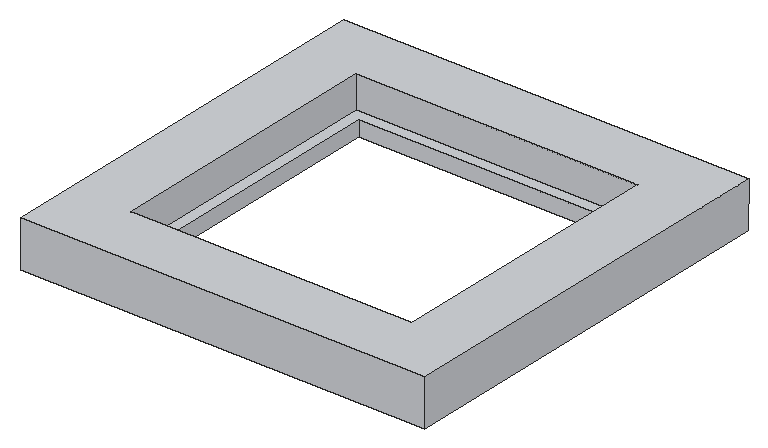
Revit family "Gira_021125", category Electrical Fixtures, host Face, Revit 2017
Family settings
  Host = Face
  Maintain Annotation Orientation = No
  Round Connector Dimension = Use Diameter
  Part Type = Normal
  Cut with Voids When Loaded = No
  Shared = No
  Room Calculation Point = No
Parameters (values of type "Abdeckrahmen 1f Gira E2 F Alu")
  Werkstoffgüte = "Thermoplast"
  Werkstoff = "Kunststoff"
  URL = "http://katalog.gira.de/de_DE/datenblatt.html?artikelnr=021125"
  Transparent = "No"
  Textfeld/Beschriftungsfläche = "No"
  Schutzart (IP) = "IP21"
  Region = "DE"
  Oberfläche = "sonstige"
  Name = "Abdeckrahmen 1f Gira E2 F Alu"
  Montagerichtung = "horizontal und vertikal"
  Mit Montagerahmen = "No"
  Mit Klappdeckel = "No"
  Manufacturer URL = "https://www.gira.de/"
  Keynote = "E2_Rahmen_1fach"
  HeinzeBIM = "https://bimportal.heinze.de/bim/abdeckrahmen-1f-gira-e2-f-alu/3e5e5b196d4446c787ee24f29d30195417c656b3"
  Halogenfrei = "Yes"
  HAN = "021125"
  Geeignet für Unterputz-Installation = "Yes"
  Geeignet für Unterflurkanaldose = "No"
  Geeignet für Geräteeinbaukanal = "No"
  Geeignet für Einbauinstallation = "No"
  GTIN = "4010337211259"
  Farbe = "aluminium"
  Default Elevation = 1219.2 mm
  Data sheet (1) = "https://katalog.gira.de/de_DE/download.html?artikelnr=021125"
  Category = "Abdeckrahmen"
  Befestigungsart = "Klemmbefestigung"
  Available = "Yes"
  Anzahl der Einheiten vertikal = "1 "
  Anzahl der Einheiten horizontal = "1 "
  Anzahl der Einheiten = "1 "
Reference planes
  plane 1 "Center (Front/Back)": y = 0
  plane 2: z = 0
  plane 3 "Center (Left/Right)": x = 0
Forms (mm)
  Extrusion 1, solid, detail levels fine
    sketch origin (0, 0, 0) x (1, 0, 0) y (0, 1, 0)
      loop
        line (40.4, 40.4) -> (-40.4, 40.4) -> (-40.4, -40.4) -> (40.4, -40.4) -> (40.4, 40.4)
      loop
        line (-28.152, 28.1) -> (-28.152, -28.152) -> (28.1, -28.152) -> (28.1, 28.1) -> (-28.152, 28.1)
    from 0 to 9.3
  Extrusion 2, solid, detail levels fine
    sketch origin (0, 0, 0) x (1, 0, 0) y (0, 1, 0)
      loop
        line (-28.152, -28.152) -> (28.1, -28.152) -> (28.1, 28.1) -> (-28.152, 28.1) -> (-28.152, -28.152)
      loop
        line (25.7, -25.7) -> (25.7, 25.7) -> (-25.7, 25.7) -> (-25.7, -25.7) -> (25.7, -25.7)
    from 0 to 3
  Extrusion 3, solid, detail levels coarse+medium
    sketch origin (0, 0, 0) x (1, 0, 0) y (0, 1, 0)
      loop
        line (40.4, 40.4) -> (-40.4, 40.4) -> (-40.4, -40.4) -> (40.4, -40.4) -> (40.4, 40.4)
    from 0 to 9.3
Dimensions and locks
  aligned and locked: plane 2 to host face
  aligned and locked: level to host face
